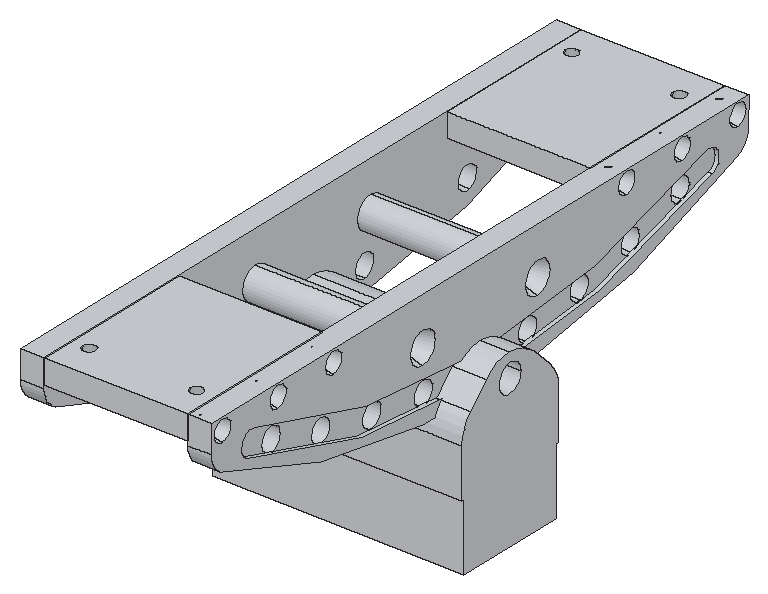
Revit family "1 SOUND_Contour CT212_Rigging System", category Communication Devices, host Face, Revit 2020
Family settings
  Host = Face
  Maintain Annotation Orientation = No
  Round Connector Dimension = Use Diameter
  Part Type = Normal
  Cut with Voids When Loaded = No
  Shared = No
  Room Calculation Point = No
Parameters (values of type "Contour Rigging System CT212")
  Weight = "1.55 kg"
  URL = "https://www.1-sound.com/ct-rigging-system"
  Start Angle [instance] = if(Pivot Angle 5Deg, 95.00°, if(Pivot Angle 10Deg, 100.00°, if(Pivot Angle 15Deg, 105.00°, if(Pivot Angle 20Deg, 110.00°, if(Pivot Angle 5Deg Neg, 85.00°, if(Pivot Angle 10Deg Neg, 80.00°, if(Pivot Angle 15Deg Neg, 75.00°, if(Pivot Angle 20Deg Neg, 70.00°, 90.00°))))))))  # 90.00°
  Model = "Contour Rigging System CT212"
  Pivot Angle 5Deg Neg [instance] = no
  Pivot Angle 5Deg [instance] = no
  Pivot Angle 20Deg Neg [instance] = no
  Pivot Angle 20Deg [instance] = no
  Pivot Angle 15Deg Neg [instance] = no
  Pivot Angle 15Deg [instance] = no
  Pivot Angle 10Deg Neg [instance] = no
  Pivot Angle 10Deg [instance] = no
  Material = "Zinc Plated"
  Manufacturer = "1 SOUND"  # constant formula
  Finish = "Stainless steel & aluminum or powder coated"
  Dimensions (HxWxD) = "103.00mm x 105.00mm x 280.00mm"
  Default Elevation = 0.00 mm
  Construction = "Stainless Steel 316 and Structural Aluminum"
  Category = "Accessory"  # constant formula
  Accessory Finish [instance] = none
Reference planes
  plane 1 "Center (Front/Back)": y = 0
  plane 2: z = 0
  plane 3 "Center (Left/Right)": x = 0
  plane 4: z = 375.044
Forms (mm)
  Extrusion 1, solid, material <- "Accessory Finish"
    sketch origin (0, 0, 0) x (0, -1, 0) y (0, 0, 1)
      loop
        arc (12.272, 67.728) -> (6.642, 71.541) -> (0, 72.994) r 18
        arc (0, 72.994) -> (-6.642, 71.541) -> (-12.272, 67.728) r 18
        line (-12.272, 67.728) -> (-20.607, 59.393)
        arc (-20.607, 59.393) -> (-23.858, 54.527) -> (-25, 48.787) r 15
        line (-25, 48.787) -> (-25, 28) -> (-24, 28) -> (-24, 0) -> (0, 0) -> (24, 0) -> (24, 28) -> (25, 28) -> (25, 48.787)
        arc (25, 48.787) -> (23.858, 54.527) -> (20.607, 59.393) r 15
        line (20.607, 59.393) -> (12.272, 67.728)
    from -52.5 to 52.5
  Extrusion 2, void
    sketch origin (0, 0, 0) x (0, -1, 0) y (0, 0, 1)
      loop
        circle (0, 63) r 6
    from -52.5 to 52.5
Cuts and joins
  Extrusion 2 cuts Extrusion 1
Lines and regions (mm)
  reference lines
    curve 1: line (0, 0, 375.044) -> (0, 0, 103.024)
Dimensions and locks
  locked: plane 4 to host face at 375.044
  "Start Angle": angle plane 4 to curve 1
  aligned and locked: plane 2 to host face
  aligned and locked: level to host face
  aligned and locked: plane 4 to curve 1
  aligned and locked: plane 1 "Center (Front/Back)" to curve 1
Automatic sketch dimensions
  host sketch curve to host sketch curve = 2438.40 mm  (x2)
  Extrusion 1 sketch curve to level = 0.00 mm
  Extrusion 1 sketch curve to plane 1 "Center (Front/Back)" = 0.00 mm  (x2)
  Extrusion 1 sketch curve to plane 1 "Center (Front/Back)" = 0.456 mm
  Extrusion 1 sketch curve to plane 1 "Center (Front/Back)" = 10.00 mm
  Extrusion 1 sketch curve to plane 1 "Center (Front/Back)" = 12.272 mm
  Extrusion 1 sketch curve to Extrusion 1 sketch curve = 8.335 mm  (x3)
  Extrusion 1 sketch curve to plane 1 "Center (Front/Back)" = 24.00 mm
  Extrusion 1 sketch curve to Extrusion 1 sketch curve = 4.393 mm
  plane 1 "Center (Front/Back)" to Extrusion 1 sketch curve = 0.456 mm
  plane 1 "Center (Front/Back)" to Extrusion 1 sketch curve = 10.00 mm
  plane 1 "Center (Front/Back)" to Extrusion 1 sketch curve = 12.272 mm
  Extrusion 1 sketch curve to Extrusion 1 sketch curve = 24.00 mm
  Extrusion 1 sketch curve to Extrusion 1 sketch curve = 1.00 mm
  Extrusion 1 sketch curve to Extrusion 1 sketch curve = 28.00 mm
  level to Extrusion 1 sketch curve = 28.00 mm
  Extrusion 1 sketch curve to Extrusion 1 sketch curve = 20.787 mm
  Extrusion 1 sketch curve to Extrusion 1 sketch curve = 0.00 mm  (x2)
  Extrusion 1 sketch curve to Extrusion 1 sketch curve = 6.213 mm
  Extrusion 2 sketch curve to plane 1 "Center (Front/Back)" = 0.00 mm
  level to Extrusion 2 sketch curve = 63.00 mm
  radius of Extrusion 2 sketch curve = 6.00 mm
Nested families
  nested 1: "1 SOUND_Contour Rigging System" at (0, 0, 103.024) x (0, 1, 0) z (0, 0, -1), Accessory Finish <- "Accessory Finish", type "Contour Rigging System"
    with Accessory Finish none
Definition of nested family "1 SOUND_Contour Rigging System"
  Parameters (values of type "Contour Rigging System")
    Default Elevation = 1219.20 mm
    Accessory Finish [instance] = none
  Reference planes
    plane 1 "Center (Front/Back)": y = 0
    plane 2: z = 0
    plane 3 "Center (Left/Right)": x = 0
  Forms (mm)
    Extrusion 1, solid, material <- "Accessory Finish", not visible
      sketch origin (0, 0, -103) x (1, 0, 0) y (0, 0, 1)
        loop
          line (-140, 206) -> (-140, 194.371)
          arc (-140, 194.371) -> (-138.416, 188.97) -> (-134.166, 185.28) r 10
          arc (-134.166, 185.28) -> (-56.833, 161.055) -> (24.1, 156.903) r 322.025
          arc (24.1, 156.903) -> (80.395, 166.197) -> (134.166, 185.28) r 322.025
          arc (134.166, 185.28) -> (138.416, 188.97) -> (140, 194.371) r 10
          line (140, 194.371) -> (140, 206) -> (-140, 206)
      from -40 to -30
    Extrusion 2, void, not visible
      sketch origin (0, 0, -103) x (1, 0, 0) y (0, 0, 1)
        loop
          circle (-106.719, 184.817) r 5
        loop
          circle (-80.758, 176.632) r 5
        loop
          circle (-54.183, 170.74) r 5
        loop
          circle (-27.195, 167.187) r 5
        loop
          circle (27.195, 167.187) r 5
        loop
          circle (54.183, 170.74) r 5
        loop
          circle (80.758, 176.632) r 5
        loop
          circle (106.719, 184.817) r 5
        loop
          circle (0, 165.981) r 5
      from -40 to 40
    Extrusion 3, solid, material <- "Accessory Finish"
      sketch origin (0, 0, -103) x (1, 0, 0) y (0, 0, 1)
        loop
          line (-140, 103) -> (140, 103) -> (140, 114.629)
          arc (140, 114.629) -> (138.416, 120.03) -> (134.166, 123.72) r 10
          arc (134.166, 123.72) -> (80.395, 142.803) -> (24.1, 152.097) r 322.025
          arc (24.1, 152.097) -> (-56.833, 147.945) -> (-134.166, 123.72) r 322.025
          arc (-134.166, 123.72) -> (-138.416, 120.03) -> (-140, 114.629) r 10
          line (-140, 114.629) -> (-140, 103)
      from -40 to -30
    Extrusion 4, void
      sketch origin (0, 0, -103) x (1, 0, 0) y (0, 0, 1)
        loop
          circle (-106.719, 124.183) r 5
        loop
          circle (-80.758, 132.368) r 5
        loop
          circle (-54.183, 138.26) r 5
        loop
          circle (-27.195, 141.813) r 5
        loop
          circle (27.195, 141.813) r 5
        loop
          circle (54.183, 138.26) r 5
        loop
          circle (80.758, 132.368) r 5
        loop
          circle (106.719, 124.183) r 5
        loop
          circle (0, 143.019) r 5
      from -40 to 40
    Extrusion 5, solid, material <- "Accessory Finish"
      sketch origin (0, 0, -103) x (1, 0, 0) y (0, 0, -1)
        loop
          line (-140, -103) -> (-140, -114.629)
          arc (-140, -114.629) -> (-138.416, -120.03) -> (-134.166, -123.72) r 10
          arc (-134.166, -123.72) -> (-56.833, -147.945) -> (24.1, -152.097) r 322.025
          arc (24.1, -152.097) -> (80.395, -142.803) -> (134.166, -123.72) r 322.025
          arc (134.166, -123.72) -> (138.416, -120.03) -> (140, -114.629) r 10
          line (140, -114.629) -> (140, -103) -> (-140, -103)
      from -40 to -30
    Extrusion 6, solid, material <- "Accessory Finish", not visible
      sketch origin (0, 0, -103) x (1, 0, 0) y (0, 0, -1)
        loop
          line (-140, -206) -> (140, -206) -> (140, -194.371)
          arc (140, -194.371) -> (138.416, -188.97) -> (134.166, -185.28) r 10
          arc (134.166, -185.28) -> (80.395, -166.197) -> (24.1, -156.903) r 322.025
          arc (24.1, -156.903) -> (-56.833, -161.055) -> (-134.166, -185.28) r 322.025
          arc (-134.166, -185.28) -> (-138.416, -188.97) -> (-140, -194.371) r 10
          line (-140, -194.371) -> (-140, -206)
      from -40 to -30
    Extrusion 7, solid, material <- "Accessory Finish"
      sketch origin (0, 0, 0) x (1, 0, 0) y (0, 1, 0)
        loop
          line (-140, 30) -> (-140, -30) -> (-70, -30) -> (-70, 30) -> (-140, 30)
        loop
          line (140, 30) -> (70, 30) -> (70, -30) -> (140, -30) -> (140, 30)
      from 0 to 10
    Blend 8, void
      base sketch origin (0, 0, 0) x (1, 0, 0) y (0, 0, 1)
        loop
          circle (-30, 20) r 3.3
      top sketch origin (0, 0, 0) x (1, 0, 0) y (0, 0, 1)
        loop
          circle (-30, 20) r 6.72
      from 30 to 40
    Blend 9, void
      base sketch origin (0, 0, 0) x (-1, 0, 0) y (0, 0, -1)
        loop
          circle (-30, -20) r 3.3
      top sketch origin (0, 0, 0) x (-1, 0, 0) y (0, 0, -1)
        loop
          circle (-30, -20) r 6.72
      from 30 to 40
    Blend 10, void
      base sketch origin (0, 0, 0) x (1, 0, 0) y (0, 0, -1)
        loop
          circle (-30, -20) r 3.3
      top sketch origin (0, 0, 0) x (1, 0, 0) y (0, 0, -1)
        loop
          circle (-30, -20) r 6.72
      from 30 to 40
    Blend 11, void
      base sketch origin (0, 0, 0) x (-1, 0, 0) y (0, 0, 1)
        loop
          circle (-30, 20) r 3.3
      top sketch origin (0, 0, 0) x (-1, 0, 0) y (0, 0, 1)
        loop
          circle (-30, 20) r 6.72
      from 30 to 40
    Extrusion 12, void
      sketch origin (0, 0, 0) x (1, 0, 0) y (0, 0, 1)
        loop
          arc (121.408, 21.412) -> (0, 45.539) -> (-121.408, 21.412) r 317.525
          arc (-121.408, 21.412) -> (-124.387, 14.227) -> (-117.202, 11.248) r 5.5
          arc (-117.202, 11.248) -> (0, 34.539) -> (117.202, 11.248) r 306.525
          arc (117.202, 11.248) -> (124.387, 14.227) -> (121.408, 21.412) r 5.5
      from 38 to 40
    Extrusion 13, void
      sketch origin (0, 0, 0) x (1, 0, 0) y (0, 0, -1)
        loop
          arc (121.408, -21.412) -> (124.387, -14.227) -> (117.202, -11.248) r 5.5
          arc (117.202, -11.248) -> (0, -34.539) -> (-117.202, -11.248) r 306.525
          arc (-117.202, -11.248) -> (-124.387, -14.227) -> (-121.408, -21.412) r 5.5
          arc (-121.408, -21.412) -> (0, -45.539) -> (121.408, -21.412) r 317.525
      from 38 to 40
    Blend 14, void
      base sketch origin (0, 0, 0) x (1, 0, 0) y (0, 0, 1)
        loop
          circle (76.5, 5) r 2.25
      top sketch origin (0, 0, 0) x (1, 0, 0) y (0, 0, 1)
        loop
          circle (76.5, 5) r 4.48
      from 30 to 40
    Blend 15, void
      base sketch origin (29, 0, 0) x (1, 0, 0) y (0, 0, 1)
        loop
          circle (76.5, 5) r 2.25
      top sketch origin (29, 0, 0) x (1, 0, 0) y (0, 0, 1)
        loop
          circle (76.5, 5) r 4.48
      from 30 to 40
    Blend 16, void
      base sketch origin (58, 0, 0) x (1, 0, 0) y (0, 0, 1)
        loop
          circle (76.5, 5) r 2.25
      top sketch origin (58, 0, 0) x (1, 0, 0) y (0, 0, 1)
        loop
          circle (76.5, 5) r 4.48
      from 30 to 40
    Blend 17, void
      base sketch origin (0, 0, 0) x (-1, 0, 0) y (0, 0, -1)
        loop
          circle (76.5, -5) r 2.25
      top sketch origin (0, 0, 0) x (-1, 0, 0) y (0, 0, -1)
        loop
          circle (76.5, -5) r 4.48
      from 30 to 40
    Blend 18, void
      base sketch origin (-29, 0, 0) x (-1, 0, 0) y (0, 0, -1)
        loop
          circle (76.5, -5) r 2.25
      top sketch origin (-29, 0, 0) x (-1, 0, 0) y (0, 0, -1)
        loop
          circle (76.5, -5) r 4.48
      from 30 to 40
    Blend 19, void
      base sketch origin (-58, 0, 0) x (-1, 0, 0) y (0, 0, -1)
        loop
          circle (76.5, -5) r 2.25
      top sketch origin (-58, 0, 0) x (-1, 0, 0) y (0, 0, -1)
        loop
          circle (76.5, -5) r 4.48
      from 30 to 40
    Blend 20, void
      base sketch origin (0, 0, 0) x (1, 0, 0) y (0, 0, -1)
        loop
          circle (76.5, -5) r 2.25
      top sketch origin (0, 0, 0) x (1, 0, 0) y (0, 0, -1)
        loop
          circle (76.5, -5) r 4.48
      from 30 to 40
    Blend 21, void
      base sketch origin (29, 0, 0) x (1, 0, 0) y (0, 0, -1)
        loop
          circle (76.5, -5) r 2.25
      top sketch origin (29, 0, 0) x (1, 0, 0) y (0, 0, -1)
        loop
          circle (76.5, -5) r 4.48
      from 30 to 40
    Blend 22, void
      base sketch origin (58, 0, 0) x (1, 0, 0) y (0, 0, -1)
        loop
          circle (76.5, -5) r 2.25
      top sketch origin (58, 0, 0) x (1, 0, 0) y (0, 0, -1)
        loop
          circle (76.5, -5) r 4.48
      from 30 to 40
    Blend 23, void
      base sketch origin (0, 0, 0) x (-1, 0, 0) y (0, 0, 1)
        loop
          circle (76.5, 5) r 2.25
      top sketch origin (0, 0, 0) x (-1, 0, 0) y (0, 0, 1)
        loop
          circle (76.5, 5) r 4.48
      from 30 to 40
    Blend 24, void
      base sketch origin (-29, 0, 0) x (-1, 0, 0) y (0, 0, 1)
        loop
          circle (76.5, 5) r 2.25
      top sketch origin (-29, 0, 0) x (-1, 0, 0) y (0, 0, 1)
        loop
          circle (76.5, 5) r 4.48
      from 30 to 40
    Blend 25, void
      base sketch origin (-58, 0, 0) x (-1, 0, 0) y (0, 0, 1)
        loop
          circle (76.5, 5) r 2.25
      top sketch origin (-58, 0, 0) x (-1, 0, 0) y (0, 0, 1)
        loop
          circle (76.5, 5) r 4.48
      from 30 to 40
    Extrusion 26, solid, material <- "Accessory Finish"
      sketch origin (0, 0, 0) x (1, 0, 0) y (0, 0, 1)
        loop
          circle (-30, 20) r 6.72
        loop
          circle (30, 20) r 6.72
      from -30 to 30
    Blend 27, void
      base sketch origin (0, 0, 0) x (1, 0, 0) y (0, 1, 0)
        loop
          circle (126.002, 22.5) r 2.75
      top sketch origin (0, 0, 0) x (1, 0, 0) y (0, 1, 0)
        loop
          circle (126.002, 22.5) r 5.2
      from 0 to 10
    Blend 28, void
      base sketch origin (0, 0, 0) x (1, 0, 0) y (0, 1, 0)
        loop
          circle (126.002, -22.5) r 2.75
      top sketch origin (0, 0, 0) x (1, 0, 0) y (0, 1, 0)
        loop
          circle (126.002, -22.5) r 5.2
      from 0 to 10
    Blend 29, void
      base sketch origin (0, 0, 0) x (-1, 0, 0) y (0, -1, 0)
        loop
          circle (126.002, -22.5) r 2.75
      top sketch origin (0, 0, 0) x (-1, 0, 0) y (0, -1, 0)
        loop
          circle (126.002, -22.5) r 5.2
      from 0 to 10
    Blend 30, void
      base sketch origin (0, 0, 0) x (-1, 0, 0) y (0, -1, 0)
        loop
          circle (126.002, 22.5) r 2.75
      top sketch origin (0, 0, 0) x (-1, 0, 0) y (0, -1, 0)
        loop
          circle (126.002, 22.5) r 5.2
      from 0 to 10
  Cuts and joins
    Extrusion 4, Blend 10, Blend 11, Extrusion 13, Blend 20, Blend 21, Blend 22, Blend 23, Blend 24, Blend 25 cuts Extrusion 3
    Extrusion 4, Blend 8, Blend 9, Blend 10, Blend 11, Extrusion 12, Extrusion 13, Blend 14, Blend 15, Blend 16, Blend 17, Blend 18, Blend 19, Blend 20, Blend 21, Blend 22, Blend 23, Blend 24, Blend 25 cuts Extrusion 5
    Blend 14, Blend 15, Blend 16, Blend 17, Blend 18, Blend 19, Blend 20, Blend 21, Blend 22, Blend 23, Blend 24, Blend 25, Blend 27, Blend 28, Blend 29, Blend 30 cuts Extrusion 7
  Dimensions and locks
    aligned and locked: level to plane 2
